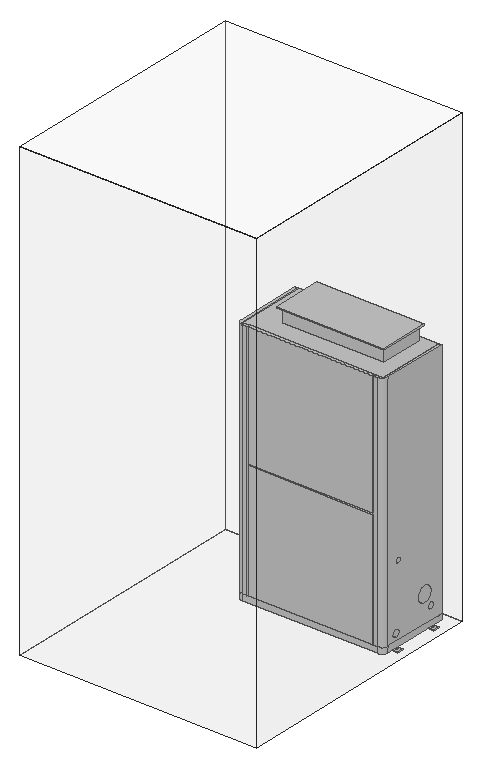
Revit family "pffy-p224_560dmg9_50Hz", category 機械設備, Revit 2019
Family settings
  丸型コネクタ寸法 = 直径を使用
  パーツ タイプ = 標準
  OmniClass 番号 = 23.75.10.24.21.27.27
  OmniClass タイトル = Split System Air Conditioning Units
  作業面ベース = いいえ
  常に垂直 = はい
  ロード時にボイドで切り取り = いいえ
  共有 = いいえ
  部屋計算ポイント = いいえ
Parameters (values of type "PFFY-P224DMG9")
  風量（m3／min） = 70
  風量 = MAX風量  # 4200.0 m³/h
  音響パワーレベル(dB) = 72
  電源種別 = ""
  電圧_電気ヒーター = 0 V
  電圧 = 200 V
  電動機出力_送風機 = 1.5 W
  運転質量 = 0.00 kg
  連動 = ""
  質量 = if(製品質量 > 運転質量, 製品質量, 運転質量) * 1.2  # 163.20 kg
  負荷分類 = 3_ファン類
  説明 = "ビル用マルチエアコン 室内ユニット 床置形"
  設計暖房能力 [instance] = 0 kW
  設計冷房能力_顕熱 [instance] = 0 kW
  設計冷房能力 [instance] = 0 kW
  設置方法 = "床置形"
  記号 [instance] = ""
  製造元 = "三菱電機株式会社"
  製品質量 = 136.00 kg
  製品出荷対象 = "国内"
  製品リリース年月 = "2022年9月15日"
  製品グループ = ""
  系統 [instance] = ""
  符号 = "ACP-FRV(D)"
  積算_科目 = "1 空気調和設備"
  積算_拾い区分 [instance] = ""
  相_電気ヒーター = 1
  相 = 3
  盤記号 [instance] = ""
  発停方法 = ""
  特殊仕様 [instance] = ""
  火災停止 = ""
  消費電力_電気ヒーター = 0 W
  消費電力_暖房 = 0.74 W
  消費電力_加湿器 = 0 W
  消費電力_冷房 = 0.74 W
  消費電力 = if(消費電力_冷房 > 消費電力_暖房, 消費電力_冷房, 消費電力_暖房) + 消費電力_加湿器 + 消費電力_電気ヒーター  # 0.74 W
  法定耐用年数 = "15"
  機械基礎質量 [instance] = 0.00 kg
  機械基礎_W = 0 mm
  機械基礎_H = 0 mm
  機械基礎_D = 0 mm
  機械基礎 [instance] = no
  機外静圧 = 30.0 Pa
  極数 = 3
  材質 [instance] = ""
  本体マテリアル = none
  有効加湿量 = 0
  暖房能力 = 25 kW
  形式_加湿器 = ""
  形式 = "床置（露出）立形"
  形名 = PFFY-P-DMG : PFFY-F224DMG9
  幹線記号 [instance] = ""
  始動方式 = "直入"
  呼称 = "室内機_床置(露出)?形(直吹)"
  周波数 = 50 Hz
  台数_手元リモコン [instance] = ""
  台数_冷媒分岐ユニット [instance] = ""
  参照している仕様書等のバージョン = "公共建築工事標準仕様書（機械設備工事編）平成31年度版"
  加湿給水管径 = 0.00 mm
  分類コード = "50053003221100"
  分類グループ = ""
  冷房能力 = 22.4 kW
  冷媒高低圧ガス管径 = 0.00 mm
  冷媒管径符号 = "Be"
  冷媒管径 = 100.00 mm
  冷媒液管径 = 9.52 mm
  冷媒ガス管径 = 19.05 mm
  価格 = 0
  企業コード = "108420"
  付属品_フィルター = ""
  付属品 [instance] = ""
  仕様書バージョン = "Version1.0"
  モデル = "PFFY-P224DMG9"
  ドレン管径 = 34.00 mm
  ダクト高 = 336 mm
  ダクト幅 = 715 mm
  コメント [instance] = ""
  Keynote = ""
  Width = 980 mm
  Version = ""
  Uniclass2015Version = "Systems v1.9"
  Uniclass2015Title = "Split coil remote air cooled condensing units"
  Uniclass2015Code = "Pr_70_65_03_84"
  URL = "https://www.mitsubishielectric.co.jp/ldg/wink/ssl/displayProduct.do?pid=317070"
  S寸法 = 0 mm
  SpecificationReference = ""
  SpecificationDescription = ""
  Revision = ""
  ProductInformation = ""
  OmniClassCode = "23-33 17 13 11"
  MAX風量 = 風量（m3／min） * 60.0 m³/h  # 4200.0 m³/h
  IfcTypeProduct = ""
  IfcProduct = ""
  IfcExportType = "AIRCONDITIONINGUNIT"
  IfcExportAs = "IfcUnitaryEquipmentType"
  Height = 1650 mm
  Depth = 485 mm
  Clearance Top = 1000 mm
  Clearance Right = 100 mm
  Clearance Left = 500 mm
  Clearance Front = 800 mm
  Clearance Back = 50 mm
  Author = "三菱電機株式会社"
Types (4, lengths in mm): name | 風量（m3／min） | 風量 | 音響パワーレベル(dB) | 電動機出力_送風機 | 質量 | 製品質量 | 消費電力_暖房 | 消費電力_冷房 | 消費電力 | 機械基礎_H | 暖房能力 | 形名 | 冷房能力 | 冷媒管径符号 | 冷媒液管径 | 冷媒ガス管径 | モデル | ダクト高 | ダクト幅 | Width | URL | MAX風量 | Height | Depth | Clearance Left | Clearance Front
  PFFY-P224DMG9 | 70 | 4200.0 m³/h | 72 | 1.5 W | 163.20 kg | 136.00 kg | 0.74 W | 0.74 W | 0.74 W | 0 | 25 kW | PFFY-P-DMG : PFFY-F224DMG9 | 22.4 kW | "Be" | 9.52 | 19.05 | "PFFY-P224DMG9" | 336 | 715 | 980 | "https://www.mitsubishielectric.co.jp/ldg/wink/ssl/displayProduct.do?pid=317070" | 4200.0 m³/h | 1650 | 485 | 500 | 800
  PFFY-P280DMG9 | 90 | 5400.0 m³/h | 76 | 1.5 W | 183.60 kg | 153.00 kg | 0.82 W | 0.82 W | 0.82 W | 0 | 31.5 kW | PFFY-P-DMG : PFFY-F280DMG9 | 28 kW | "Bf" | 9.52 | 22.20 | "PFFY-P280DMG9" | 336 | 895 | 1200 | "https://www.mitsubishielectric.co.jp/ldg/wink/ssl/displayProduct.do?pid=317071" | 5400.0 m³/h | 1650 | 485 | 500 | 800
  PFFY-P450DMG9 | 140 | 8400.0 m³/h | 77 | 2.2 W | 259.20 kg | 216.00 kg | 1.62 W | 1.62 W | 1.62 W | 0 | 50 kW | PFFY-P-DMG : PFFY-F450DMG9 | 45 kW | "Ch" | 12.70 | 28.58 | "PFFY-P450DMG9" | 484 | 1046 | 1200 | "https://www.mitsubishielectric.co.jp/ldg/wink/ssl/displayProduct.do?pid=317072" | 8400.0 m³/h | 1850 | 635 | 100 | 1000
  PFFY-P560DMG9 | 165 | 9900.0 m³/h | 78 | 3.7 W | 297.60 kg | 248.00 kg | 2.34 W | 2.34 W | 2.34 W | 150 | 63 kW | PFFY-P-DMG : PFFY-F560DMG9 | 56 kW | "Dh" | 15.88 | 28.58 | "PFFY-P560DMG9" | 484 | 1253 | 1420 | "https://www.mitsubishielectric.co.jp/ldg/wink/ssl/displayProduct.do?pid=317073" | 9900.0 m³/h | 1850 | 635 | 100 | 1000
Reference planes
  plane 1: z = -150
  plane 2: z = 1500
  plane 3: z = -150
  plane 4: z = 2500
  plane 5 "中心(正面/背面)": y = -242.5
  plane 6 "左": x = -490
  plane 7 "右": x = 490
  plane 8 "正面": y = -485
  plane 9 "背面": y = 0
  plane 10: x = 0
  plane 11: x = -875
  plane 12: y = 0
  plane 13: y = -485
  plane 14: x = 490
  plane 15: y = 50
  plane 16: x = 590
  plane 17: x = -990
  plane 18: y = -1285
Dimensions and locks
  "Height": plane 1 to plane 2
  "Clearance Top": plane 4 to plane 2
  "Width": plane 6 "左" to plane 7 "右"
  equal spacing: plane 8 "正面", plane 5 "中心(正面/背面)", plane 9 "背面"
  "Depth": plane 8 "正面" to plane 9 "背面"
  "S寸法": plane 9 "背面" to plane 12
  "S寸法": plane 13 to plane 8 "正面"
  "S寸法": plane 7 "右" to plane 14
  "Clearance Back": plane 9 "背面" to plane 15
  "Clearance Right": plane 7 "右" to plane 16
  "Clearance Left": plane 17 to plane 6 "左"
  "Clearance Front": plane 18 to plane 8 "正面"
  equal spacing: plane 6 "左", plane 10, plane 7 "右"
  aligned and locked: plane 17 to nested 1
  aligned and locked: plane 16 to nested 1
  aligned and locked: plane 15 to nested 1
  aligned and locked: plane 10 to nested 2
  aligned and locked: plane 5 "中心(正面/背面)" to nested 2
  aligned and locked: plane 1 to plane 3
  aligned and locked: plane 3 to nested 2
Nested families
  nested 1: "サービススペース(PFFY-P-DMG)" at (-200, -810, 1375), type "サービススペース(PFFY-P-DMG)"
    with Width 1580 mm, Height 3050 mm, Depth 1720 mm
  nested 2: "PFFY-P-DMG" at (0, -242.5, -150), type <- "形名", マテリアル1 <- "本体マテリアル", type "PFFY-F224DMG9"
    with 表示 yes, マテリアル2 none, マテリアル1 none
Connectors
  hvac at (32.5, -187, 1598), driven by "ダクト高", driven by "ダクト幅", driven by "機外静圧", driven by "風量"
    settings: on nested 2, index 1, duct flow 4200.0 m³/h, flow factor 0, pres drop 30.0 Pa, loss coef 0, conn angle 0.00°, conn width 715 mm, conn height 336 mm, conn diameter 609.6 mm, duct sys type 29, conn prof type 1, flow config 0, flow direction 2, loss method 4, conn ref index -1, conn util no, is conn primary yes, conn desc ""
  electrical at (493, -385, -60), driven by "極数", driven by "負荷分類", driven by "電圧", driven by "消費電力"
    settings: on nested 2, index 2, voltage 200 V, apparent load 0.74 VA, apparent load phase1 0 VA, apparent load phase2 0 VA, apparent load phase3 0 VA, power factor 1, load classification "3_ファン類", number of poles 3, system type 30, power factor state 1, is connector primary yes, connector utility no, sub classification motor no, connector description ""
  piping at (493, -92, -20), diameter 34, driven by "ドレン管径"
    settings: on nested 2, index 3, connector inside diameter 609.60 mm, connector length 0 mm, flow factor 0, pipe flow 0.0 L/s, pressure drop 0.0 Pa, fitting loss kfactor 0, connector angle 0.00°, fixture units 0, engagement length 0 mm, angle of deflection 0.00°, flow configuration 0, flow direction 2, fitting loss method 4, system type 16, joint type 0, gender type 0, connector reference index -1, connector utility 0, adjustable connector no, is connector primary yes, connector description ""
  piping at (493, -145, 70), diameter 100, driven by "冷媒管径", driven by "冷媒管径符号"
    settings: on nested 2, index 4, connector inside diameter 609.60 mm, connector length 0 mm, flow factor 0, pipe flow 0.0 L/s, pressure drop 0.0 Pa, fitting loss kfactor 0, connector angle 0.00°, fixture units 0, engagement length 0 mm, angle of deflection 0.00°, flow configuration 0, flow direction 1, fitting loss method 4, system type 7, joint type 0, gender type 0, connector reference index -1, connector utility 0, adjustable connector no, is connector primary no, connector description "Be"
Definition of nested family "サービススペース(PFFY-P-DMG)"
  Parameters (values of type "サービススペース")
    Width [instance] = 500 mm
    Height [instance] = 500 mm
    Depth [instance] = 500 mm
  Reference planes
    plane 1 "中心(正面/背面)": y = 0
    plane 2: z = 0
    plane 3 "中心(左/右)": x = 0
    plane 4: y = -250
    plane 5: x = 250
    plane 6: y = 250
    plane 7: x = -250
    plane 8: z = 250
    plane 9: z = -250
  Forms (mm)
    Extrusion 1, solid
      sketch origin (-638.939, 0, 72.39) x (1, 0, 0) y (0, 1, 0)
        loop
          line (388.939, 250) -> (388.939, -250) -> (888.939, -250) -> (888.939, 250) -> (388.939, 250)
      from -322.39 to 177.61
  Lines and regions (mm)
    symbolic lines
      curve 1: line (-250, 0, 250) -> (250, 0, 250)
      curve 2: line (-250, 0, -250) -> (-250, 0, 250)
      curve 3: line (250, 0, -250) -> (-250, 0, -250)
      curve 4: line (250, 0, 250) -> (250, 0, -250)
      curve 5: line (0, -250, 250) -> (0, 250, 250)
      curve 6: line (0, -250, -250) -> (0, -250, 250)
      curve 7: line (0, 250, -250) -> (0, -250, -250)
      curve 8: line (0, 250, 250) -> (0, 250, -250)
      curve 9: line (-250, 250, 0) -> (250, 250, 0)
      curve 10: line (-250, -250, 0) -> (-250, 250, 0)
      curve 11: line (250, -250, 0) -> (-250, -250, 0)
      curve 12: line (250, 250, 0) -> (250, -250, 0)
  Dimensions and locks
    equal spacing: plane 7, plane 3 "中心(左/右)", plane 5
    equal spacing: plane 4, plane 1 "中心(正面/背面)", plane 6
    "Depth": plane 4 to plane 6
    "Width": plane 7 to plane 5
    equal spacing: plane 8, plane 2, plane 9
    "Height": plane 8 to plane 9
    aligned and locked: plane 9 to curve 3
    aligned and locked: plane 7 to curve 2
    aligned and locked: curve 4 to plane 5
    aligned and locked: plane 5 to Extrusion 1
    aligned and locked: Extrusion 1 to plane 7
    aligned and locked: Extrusion 1 to plane 9
    aligned and locked: plane 8 to Extrusion 1
    aligned and locked: plane 9 to curve 7
  Automatic sketch dimensions
    plane 4 to Extrusion 1 sketch curve = 0 mm
    Extrusion 1 sketch curve to plane 7 = 0 mm
    Extrusion 1 sketch curve to plane 5 = 0 mm
    plane 6 to Extrusion 1 sketch curve = 0 mm
    curve 2 to plane 8 = 0 mm
    plane 4 to curve 11 = 0 mm
    curve 11 to plane 7 = 0 mm
    curve 11 to plane 5 = 0 mm
    plane 6 to curve 10 = 0 mm
    curve 7 to plane 4 = 0 mm
    curve 7 to plane 6 = 0 mm
    curve 6 to plane 8 = 0 mm
Definition of nested family "PFFY-P-DMG"
  Parameters (values of type "PFFY-F224DMG7")
    液径 = 9.52 mm
    液-W = 0 mm
    液-H = 225 mm
    液-D = 185 mm
    高 = 1650 mm
    電源径 = 43 mm
    電源-W = 0 mm
    電源-H = 90 mm
    電源-D = 385 mm
    表示 [instance] = yes
    幅 = 980 mm
    奥行 = 485 mm
    吊りボルト径 = 12 mm
    吊りボルト-W = 1014 mm
    吊りボルト-D = 300 mm
    吊りボルト-H = 0 mm
    加湿給水管径 = 27 mm
    加湿給水-W = 365 mm
    加湿給水-H = 520 mm
    加湿給水-D = 0 mm
    冷媒径 = 100 mm
    ガス径 = 19.05 mm
    ガス-W = 0 mm
    ガス-H = 215 mm
    ガス-D = 105 mm
    マテリアル2 [instance] = none
    マテリアル1 [instance] = none
    ドレン径 = 34 mm  # constant formula
    ドレン-W = 0 mm
    ドレン-H = 130 mm
    ドレン-D = 92 mm
    w = 675 mm
    h = 98 mm
    d = 296 mm
    b = 100 mm
    a = 19 mm
  Types (5, lengths in mm): name | 液径 | 液-H | 液-D | 高 | 電源径 | 電源-H | 電源-D | 幅 | 奥行 | 吊りボルト-W | 吊りボルト-D | 加湿給水-W | 加湿給水-H | ガス径 | ガス-H | ガス-D | ドレン-H | w | h | d | b | a
    (no name) | 9.52 | 225 | 185 | 1650 | 43 | 90 | 385 | 980 | 485 | 1014 | 300 | 365 | 520 | 19.05 | 215 | 105 | 130 | 675 | 98 | 296 | 100 | 19
    PFFY-F224DMG7 | 9.52 | 225 | 185 | 1650 | 43 | 90 | 385 | 980 | 485 | 1014 | 300 | 365 | 520 | 19.05 | 215 | 105 | 130 | 675 | 98 | 296 | 100 | 19
    PFFY-F280DMG7 | 9.52 | 225 | 185 | 1650 | 43 | 90 | 385 | 1200 | 485 | 1234 | 300 | 365 | 520 | 19.05 | 215 | 105 | 130 | 855 | 98 | 296 | 152 | 19
    PFFY-F450DMG7 | 12.7 | 296 | 118 | 1850 | 52 | 100 | 530 | 1200 | 635 | 1230 | 440 | 438 | 680 | 28.58 | 296 | 238 | 169 | 1006 | 49 | 444 | 82 | 21
    PFFY-F560DMG7 | 12.7 | 296 | 118 | 1850 | 52 | 100 | 530 | 1420 | 635 | 1450 | 440 | 438 | 680 | 28.58 | 296 | 238 | 169 | 1213 | 49 | 444 | 83.5 | 21
  Reference planes
    plane 1 "中心(正面/背面)": y = 0
    plane 2: z = 0
    plane 3 "中心(左/右)": x = 0
    plane 4: x = 490
    plane 5: x = -490
    plane 6: y = 242.5
    plane 7: y = -242.5
    plane 8: z = 1748
    plane 9: z = 830
    plane 10: z = 1650
    plane 11: z = 40
    plane 12: y = 150
    plane 13: y = -150
    plane 14: x = 507
    plane 15: x = -507
    plane 16: y = 223.5
    plane 17: y = -162.5
    plane 18: z = 130
    plane 19: z = 90
    plane 20: y = 57.5
    plane 21: z = 225
    plane 22: z = 215
    plane 23: z = 1738
    plane 24: y = 137.5
    plane 25: x = 470
    plane 26: x = -470
    plane 27: z = 820
    plane 28: y = -222.5
    plane 29: x = -420
    plane 30: x = 420
    plane 31: y = -239.5
    plane 32: x = 530
    plane 33: x = -530
    plane 34: y = 170
    plane 35: y = 130
    plane 36: y = -130
    plane 37: y = -170
    plane 38: y = 203.5
    plane 39: z = 5
    plane 40: x = 390
    plane 41: x = 370
    plane 42: x = -305
    plane 43: x = -325
    plane 44: y = -112.5
    plane 45: y = -92.5
    plane 46: y = 150.5
    plane 47: y = -142.5
    plane 48: x = 493
    plane 49: y = 97.5
    plane 50: z = 220
    plane 51: y = -122.5
    plane 52: z = 520
  Forms (mm)
    Extrusion 1, solid, material <- "マテリアル1", visible <- "表示", detail levels fine
      sketch origin (0, 0, -400) x (1, 0, 0) y (0, 1, 0)
        loop
          line (420, -222.5) -> (-420, -222.5) -> (-420, -239.5) -> (420, -239.5) -> (420, -222.5)
      from 1230 to 2050
    Extrusion 2, solid, material <- "マテリアル1", visible <- "表示", detail levels fine
      sketch origin (0, 0, -800) x (1, 0, 0) y (0, 1, 0)
        loop
          line (-420, -239.5) -> (420, -239.5) -> (420, -222.5) -> (-420, -222.5) -> (-420, -239.5)
      from 840 to 1620
    Extrusion 3, solid, material <- "マテリアル2", visible <- "表示", detail levels fine
      sketch origin (0, 0, 0) x (1, 0, 0) y (0, 1, 0)
        loop
          line (490, 170) -> (490, 130) -> (530, 130) -> (530, 170) -> (490, 170)
        loop
          line (490, -130) -> (490, -170) -> (530, -170) -> (530, -130) -> (490, -130)
        loop
          line (-530, 170) -> (-530, 130) -> (-490, 130) -> (-490, 170) -> (-530, 170)
        loop
          line (-530, -130) -> (-530, -170) -> (-490, -170) -> (-490, -130) -> (-530, -130)
        loop
          circle (-507, 150) r 6
        loop
          circle (507, 150) r 6
        loop
          circle (507, -150) r 6
        loop
          circle (-507, -150) r 6
      from 0 to 5
    Extrusion 4, solid, material <- "マテリアル2", visible <- "表示", detail levels fine
      sketch origin (0, -1140, 0) x (0, -1, 0) y (1, 0, 0)
        loop
          line (-1343.5, 370) -> (-1343.5, -305) -> (-1047.5, -305) -> (-1047.5, 370) -> (-1343.5, 370)
      from 1650 to 1738
    Extrusion 5, solid, material <- "マテリアル2", visible <- "表示", detail levels fine
      sketch origin (0, -1140, -430) x (0, -1, 0) y (1, 0, 0)
        loop
          line (-1363.5, 390) -> (-1363.5, -325) -> (-1027.5, -325) -> (-1027.5, 390) -> (-1363.5, 390)
      from 2168 to 2178
    Extrusion 6, solid, material <- "マテリアル1", visible <- "表示", detail levels fine
      sketch origin (-1437.329, -1524, 1748) x (-1, 0, 0) y (0, -1, 0)
        loop
          line (-947.329, -1766.5) -> (-947.329, -1321.5)
          arc (-947.329, -1321.5) -> (-959.045, -1293.216) -> (-987.329, -1281.5) r 40
          line (-987.329, -1281.5) -> (-1017.329, -1281.5) -> (-1017.329, -1301.5) -> (-967.329, -1301.5) -> (-967.329, -1766.5) -> (-947.329, -1766.5)
        loop
          line (-1907.329, -1766.5) -> (-1907.329, -1301.5) -> (-1857.329, -1301.5) -> (-1857.329, -1281.5) -> (-1887.329, -1281.5)
          arc (-1887.329, -1281.5) -> (-1915.614, -1293.216) -> (-1927.329, -1321.5) r 40
          line (-1927.329, -1321.5) -> (-1927.329, -1766.5) -> (-1907.329, -1766.5)
      from -1708 to -98
    Extrusion 7, solid, material <- "マテリアル1", visible <- "表示", detail levels fine
      sketch origin (-1437.329, -1524, 1748) x (-1, 0, 0) y (0, -1, 0)
        loop
          line (-1907.329, -1766.5) -> (-967.329, -1766.5) -> (-967.329, -1301.5) -> (-1907.329, -1301.5) -> (-1907.329, -1766.5)
      from -1708 to -98
    Extrusion 8, solid, material <- "マテリアル2", visible <- "表示", detail levels fine
      sketch origin (-1437.329, -1524, 1748) x (-1, 0, 0) y (0, -1, 0)
        loop
          line (-947.329, -1766.5) -> (-947.329, -1321.5)
          arc (-947.329, -1321.5) -> (-959.045, -1293.216) -> (-987.329, -1281.5) r 40
          line (-987.329, -1281.5) -> (-1887.329, -1281.5)
          arc (-1887.329, -1281.5) -> (-1915.614, -1293.216) -> (-1927.329, -1321.5) r 40
          line (-1927.329, -1321.5) -> (-1927.329, -1766.5) -> (-947.329, -1766.5)
      from -1748 to -1708
    Extrusion 9, solid, material <- "マテリアル2", visible <- "表示", detail levels fine
      sketch origin (490, 1296.25, 1200) x (0, 1, 0) y (0, 0, 1)
        loop
          circle (-1438.75, -1110) r 21.5
        loop
          circle (-1145.75, -1070) r 17
        loop
          circle (-1418.75, -680) r 13.5
      from 0 to 3
    Extrusion 10, solid, material <- "マテリアル1", visible <- "表示", detail levels fine
      sketch origin (490, 1296.25, 1200) x (0, 1, 0) y (0, 0, 1)
        loop
          circle (-1198.75, -980) r 50
      from 0 to 3
  Lines and regions (mm)
    Masking region 1, visible <- "表示", detail levels coarse+medium
      outline origin (0, 0, 0) x (1, 0, 0) y (0, 1, 0)
        loop
          line (-490, 242.5) -> (-490, -242.5) -> (490, -242.5) -> (490, 242.5) -> (-490, 242.5)
    symbolic lines, visible <- "表示"
      curve 1: line (-490, 242.5, 1748) -> (-490, -242.5, 1748)
      curve 2: line (-490, -242.5, 1748) -> (490, -242.5, 1748)
      curve 3: line (490, -242.5, 1748) -> (490, 242.5, 1748)
      curve 4: line (490, 242.5, 1748) -> (-490, 242.5, 1748)
      curve 5: line (-325, 223.5, 1748) -> (-325, -112.5, 1748)
      curve 6: line (-325, -112.5, 1748) -> (390, -112.5, 1748)
      curve 7: line (390, -112.5, 1748) -> (390, 223.5, 1748)
      curve 8: line (390, 223.5, 1748) -> (-325, 223.5, 1748)
    model lines, visible <- "表示", detail levels fine
      curve 9: line (420, -239.5, 720) -> (-420, -239.5, 720)
      curve 10: line (420, -239.5, 670) -> (-420, -239.5, 670)
      curve 11: line (0, -239.5, 720) -> (0, -239.5, 270)
      curve 12: line (420, -239.5, 620) -> (-420, -239.5, 620)
      curve 13: line (420, -239.5, 570) -> (-420, -239.5, 570)
      curve 14: line (420, -239.5, 520) -> (-420, -239.5, 520)
      curve 15: line (420, -239.5, 470) -> (-420, -239.5, 470)
      curve 16: line (420, -239.5, 420) -> (-420, -239.5, 420)
      curve 17: line (420, -239.5, 370) -> (-420, -239.5, 370)
      curve 18: line (420, -239.5, 320) -> (-420, -239.5, 320)
      curve 19: line (420, -239.5, 270) -> (-420, -239.5, 270)
      curve 20: line (140, -239.5, 720) -> (140, -239.5, 270)
      curve 21: line (-140, -239.5, 270) -> (-140, -239.5, 720)
      curve 22: line (280, -239.5, 720) -> (280, -239.5, 270)
      curve 23: line (-280, -239.5, 270) -> (-280, -239.5, 720)
  Dimensions and locks
    equal spacing: plane 7, plane 1 "中心(正面/背面)", plane 6
    "奥行": plane 7 to plane 6
    equal spacing: plane 5, plane 3 "中心(左/右)", plane 4
    "幅": plane 5 to plane 4
    locked: plane 11 to level at 40
    equal spacing: plane 13, plane 1 "中心(正面/背面)", plane 12
    "吊りボルト-D": plane 13 to plane 12
    equal spacing: plane 15, plane 3 "中心(左/右)", plane 14
    "吊りボルト-W": plane 15 to plane 14
    "a": plane 16 to plane 6
    locked: plane 7 to plane 17 at 80
    "ドレン-H": plane 18 to level
    "電源-H": plane 19 to level
    "液-H": plane 21 to level
    locked: plane 10 to plane 9 at 820
    "ガス-H": plane 22 to level
    "h": plane 8 to plane 10
    locked: plane 8 to plane 23 at 10
    locked: plane 5 to plane 26 at 20
    locked: plane 25 to plane 4 at 20
    locked: plane 9 to plane 27 at 10
    locked: plane 7 to plane 28 at 20
    locked: plane 26 to plane 29 at 50
    locked: plane 30 to plane 25 at 50
    locked: plane 7 to plane 31 at 3
    locked: plane 33 to plane 5 at 40
    locked: plane 4 to plane 32 at 40
    plane 37 to plane 13 to plane 36 = 20 mm locked, 20 mm locked
    plane 35 to plane 12 to plane 34 = 20 mm locked, 20 mm locked
    locked: plane 38 to plane 16 at 20
    locked: plane 39 to level at 5
    "b": plane 40 to plane 4
    locked: plane 43 to plane 42 at 20
    locked: plane 41 to plane 40 at 20
    "w": plane 42 to plane 41
    locked: plane 44 to plane 45 at 20
    "d": plane 45 to plane 38
    curve 9 to curve 10 to curve 12 to curve 13 to curve 14 to curve 15 to curve 16 to curve 17 to curve 18 to curve 19 = 50 mm locked, 50 mm locked, 50 mm locked, 50 mm locked, 50 mm locked, 50 mm locked, 50 mm locked, 50 mm locked, 50 mm locked
    equal spacing: plane 30, curve 22, curve 20, curve 11, curve 21, curve 23, plane 29
    "高": plane 10 to level
    "液-D": plane 20 to plane 6
    "ガス-D": plane 24 to plane 6
    "ドレン-D": plane 46 to plane 6
    "電源-D": plane 47 to plane 6
    locked: plane 4 to plane 48 at 3
    equal spacing: plane 20, plane 49, plane 24
    equal spacing: plane 21, plane 50, plane 22
    "加湿給水-W": plane 51 to plane 6
    "加湿給水-H": plane 52 to level
    radius of Extrusion 6 sketch curve = 40 mm  (x2)
    "吊りボルト径": diameter of Extrusion 3 sketch curve  (x4)
    "ドレン径": diameter of Extrusion 9 sketch curve
    "電源径": diameter of Extrusion 9 sketch curve
    "冷媒径": diameter of Extrusion 10 sketch curve
    "加湿給水管径": diameter of Extrusion 9 sketch curve
    aligned and locked: level to plane 2
    aligned and locked: plane 13 to nested 1
    aligned and locked: plane 14 to nested 1
    aligned and locked: plane 15 to nested 1
    aligned and locked: nested 1 to plane 12
    aligned and locked: Extrusion 2 to plane 11
    aligned and locked: Extrusion 1 to plane 9
    aligned and locked: Extrusion 5 to plane 23
    aligned and locked: plane 8 to Extrusion 5
    aligned and locked: Extrusion 6 to plane 11
    aligned and locked: Extrusion 4 to Extrusion 5
    aligned and locked: Extrusion 4 to plane 10
    aligned and locked: plane 10 to Extrusion 6
    aligned and locked: plane 10 to Extrusion 1
    aligned and locked: plane 27 to Extrusion 2
    aligned and locked: Extrusion 2 sketch curve to plane 28
    aligned and locked: Extrusion 6 sketch curve to plane 7
    aligned and locked: Extrusion 6 sketch curve to plane 29
    aligned and locked: Extrusion 6 sketch curve to plane 30
    aligned and locked: Extrusion 6 sketch curve to plane 25
    aligned and locked: plane 28 to Extrusion 6 sketch curve  (x2)
    aligned and locked: Extrusion 2 sketch curve to plane 29
    aligned and locked: Extrusion 2 sketch curve to plane 30
    aligned and locked: plane 31 to Extrusion 2 sketch curve
    aligned and locked: Extrusion 1 sketch curve to plane 30
    aligned and locked: Extrusion 1 sketch curve to plane 29
    aligned and locked: Extrusion 1 sketch curve to plane 28
    aligned and locked: Extrusion 1 sketch curve to plane 31
    aligned and locked: Extrusion 7 sketch curve to plane 6
    aligned and locked: Extrusion 7 sketch curve to plane 26
    aligned and locked: Extrusion 7 sketch curve to plane 28
    aligned and locked: Extrusion 7 sketch curve to plane 25
    aligned and locked: plane 10 to Extrusion 7
    aligned and locked: Extrusion 7 to plane 11
    aligned and locked: plane 34 to Extrusion 3 sketch curve  (x2)
    aligned and locked: plane 4 to Extrusion 3 sketch curve  (x2)
    aligned and locked: Extrusion 3 sketch curve to plane 35  (x2)
    aligned and locked: Extrusion 3 sketch curve to plane 32  (x2)
    aligned and locked: plane 36 to Extrusion 3 sketch curve  (x2)
    aligned and locked: Extrusion 3 sketch curve to plane 37  (x2)
    aligned and locked: plane 33 to Extrusion 3 sketch curve  (x2)
    aligned and locked: Extrusion 3 sketch curve to plane 5  (x2)
    aligned and locked: plane 12 to Extrusion 3 sketch curve  (x2)
    aligned and locked: plane 15 to Extrusion 3 sketch curve  (x2)
    aligned and locked: plane 13 to Extrusion 3 sketch curve  (x2)
    aligned and locked: plane 14 to Extrusion 3 sketch curve  (x2)
    aligned and locked: Extrusion 3 to level
    aligned and locked: plane 39 to Extrusion 3
    aligned and locked: Extrusion 8 sketch curve to Extrusion 6  (x3)
    aligned and locked: Extrusion 8 sketch curve to Extrusion 7
    aligned and locked: Extrusion 8 to level
    aligned and locked: plane 11 to Extrusion 8
    aligned and locked: Extrusion 4 sketch curve to plane 38
    aligned and locked: Extrusion 4 sketch curve to plane 45
    aligned and locked: Extrusion 4 sketch curve to plane 41
    aligned and locked: Extrusion 4 sketch curve to plane 42
    aligned and locked: Extrusion 5 sketch curve to plane 40
    aligned and locked: Extrusion 5 sketch curve to plane 16
    aligned and locked: Extrusion 5 sketch curve to plane 44
    aligned and locked: Extrusion 5 sketch curve to plane 43
    aligned and locked: Masking region 1 sketch curve to Extrusion 8
    aligned and locked: Masking region 1 sketch curve to Extrusion 6
    aligned and locked: Masking region 1 sketch curve to plane 7
    aligned and locked: Masking region 1 sketch curve to plane 4
    aligned and locked: curve 1 to Masking region 1
    aligned and locked: curve 3 to Masking region 1
    aligned and locked: curve 4 to Masking region 1
    aligned and locked: curve 5 to Extrusion 5
    aligned and locked: curve 6 to Extrusion 5
    aligned and locked: curve 7 to Extrusion 5
    aligned and locked: curve 8 to Extrusion 5
    aligned and locked: plane 18 to Extrusion 9 sketch curve
    aligned and locked: plane 46 to Extrusion 9 sketch curve
    aligned and locked: plane 47 to Extrusion 9 sketch curve
    aligned and locked: plane 19 to Extrusion 9 sketch curve
    aligned and locked: Extrusion 9 to plane 4
    aligned and locked: plane 48 to Extrusion 9
    aligned and locked: plane 49 to Extrusion 10 sketch curve
    aligned and locked: plane 50 to Extrusion 10 sketch curve
    aligned and locked: Extrusion 10 to plane 4
    aligned and locked: plane 48 to Extrusion 10
    aligned and locked: plane 52 to Extrusion 9 sketch curve
    aligned and locked: plane 51 to Extrusion 9 sketch curve
  Automatic sketch dimensions
    Extrusion 6 sketch curve to plane 26 = 0 mm
    plane 7 to Extrusion 6 sketch curve = 0 mm
    Extrusion 6 sketch curve to plane 4 = 0 mm
    Extrusion 6 sketch curve to plane 5 = 0 mm
    plane 6 to Extrusion 6 sketch curve = 0 mm  (x2)
    plane 28 to Extrusion 2 sketch curve = 0 mm
    plane 7 to curve 2 = 0 mm
    curve 16 to plane 29 = 0 mm
    curve 9 to plane 29 = 0 mm
    curve 15 to plane 29 = 0 mm
    curve 10 to plane 29 = 0 mm
    curve 19 to plane 29 = 0 mm
    curve 18 to plane 29 = 0 mm
    curve 17 to plane 29 = 0 mm
    curve 12 to plane 29 = 0 mm
    curve 13 to plane 29 = 0 mm
    curve 14 to plane 29 = 0 mm
    curve 15 to plane 30 = 0 mm
    curve 12 to plane 30 = 0 mm
    curve 17 to plane 30 = 0 mm
    curve 13 to plane 30 = 0 mm
    curve 16 to plane 30 = 0 mm
    curve 14 to plane 30 = 0 mm
    curve 19 to plane 30 = 0 mm
    curve 18 to plane 30 = 0 mm
    curve 10 to plane 30 = 0 mm
    curve 9 to plane 30 = 0 mm
    plane 21 to curve 22 = 45 mm
  Nested families
    nested 1: "固定点" at (-507, -150, 0), visible <- "表示", type "固定点", detail levels fine
      with W 1014 mm, D 300 mm, 中心円 12 mm
  Definition of nested family "固定点"
    Parameters (values of type "固定点")
      中心円 = 20 mm
      W [instance] = 1000 mm
      D [instance] = 1000 mm
    Reference planes
      plane 1 "中心(正面/背面)": y = 0
      plane 2: z = 0
      plane 3 "中心(左/右)": x = 0
      plane 4: x = 1000
      plane 5: y = 1000
    Lines and regions (mm)
      symbolic lines, detail levels fine
        curve 1: circle (0, 1000, 0) r 10 normal (0, 0, 1)
        curve 2: circle (0, 0, 0) r 10 normal (0, 0, 1)
        curve 3: circle (1000, 1000, 0) r 10 normal (0, 0, 1)
        curve 4: circle (1000, 0, 0) r 10 normal (0, 0, 1)
        curve 5: line (-200, 1000, 0) -> (1200, 1000, 0)
        curve 6: line (-200, 0, 0) -> (1200, 0, 0)
        curve 7: line (0, 1200, 0) -> (0, -200, 0)
        curve 8: line (1000, 1200, 0) -> (1000, -200, 0)
    Dimensions and locks
      "W": plane 3 "中心(左/右)" to plane 4
      "D": plane 1 "中心(正面/背面)" to plane 5
      "中心円": diameter of curve 1
      "中心円": diameter of curve 2
      "中心円": diameter of curve 3
      "中心円": diameter of curve 4
      aligned and locked: level to plane 2
      aligned and locked: plane 5 to curve 1
      aligned and locked: plane 3 "中心(左/右)" to curve 1
      aligned and locked: plane 3 "中心(左/右)" to curve 2
      aligned and locked: plane 1 "中心(正面/背面)" to curve 2
      aligned and locked: plane 4 to curve 3
      aligned and locked: plane 5 to curve 3
      aligned and locked: plane 1 "中心(正面/背面)" to curve 4
      aligned and locked: plane 4 to curve 4
      aligned and locked: plane 1 "中心(正面/背面)" to curve 6
      aligned and locked: curve 7 to plane 3 "中心(左/右)"
      aligned and locked: curve 8 to plane 4
    Automatic sketch dimensions
      curve 5 to plane 5 = 0 mm
      curve 6 to plane 3 "中心(左/右)" = 200 mm
      curve 5 to plane 3 "中心(左/右)" = 200 mm
      curve 4 to curve 6 = 200 mm
      curve 3 to curve 5 = 200 mm
      plane 1 "中心(正面/背面)" to curve 8 = 200 mm
      plane 1 "中心(正面/背面)" to curve 7 = 200 mm
      curve 3 to curve 8 = 200 mm
      curve 1 to curve 7 = 200 mm
